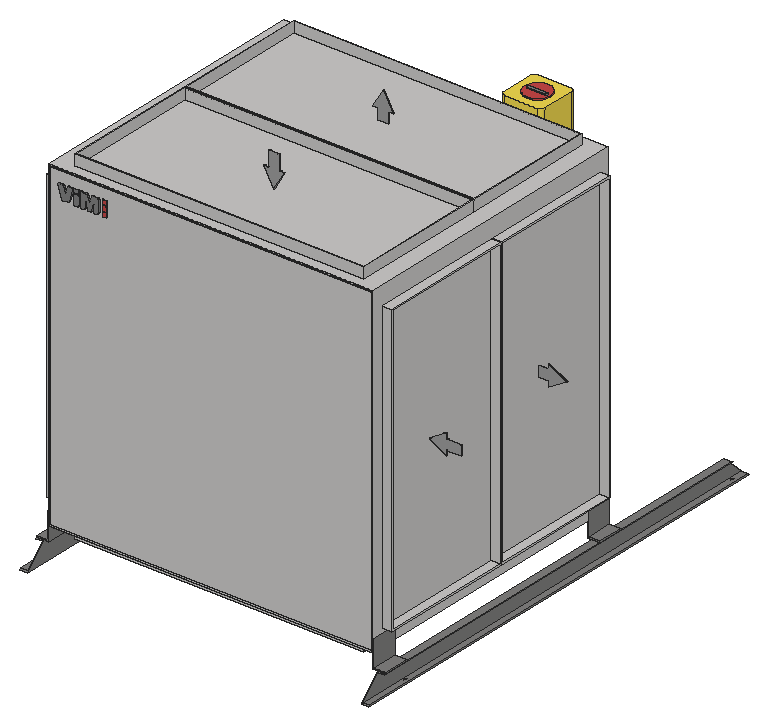
Revit family "BIM_KUBAIR F400 CC INTZ Horizontal", category Equipement de génie climatique, Revit 2016 (continued)
Types (75, lengths in mm): name | Tension_nominale | Puissance_electrique | Prof_INTZ | Position_A_equerre | Poids | Nombre_de_phases | Modèle | KC | J | F | EC | Debit_mini | Debit_maxi | D | Courant_nominal | Code_article | C | BH | A
  KUBAIR F400 CC 450 8PT IE2 INTZ 0,18kW Horizontal | 400 V | 180 W | 120 | 175 | "92 Kg" | "3" | "KUBAIR F400 CC 450 8PT IE2 INTZ 0,18kW Caisson Horizontal" | 1081 | 102 | 812 | 990 | "590 m³/h" | "3420 m³/h" | 711 | 0.73 A | "644641 + 660102" | 326 | 847 | 779
  KUBAIR F400 CC 450 8PT IE3 INTZ 0,18kW Horizontal | 400 V | 180 W | 120 | 175 | "92 Kg" | "3" | "KUBAIR F400 CC 450 8PT IE3 INTZ 0,18kW Caisson Horizontal" | 1081 | 102 | 812 | 990 | "590 m³/h" | "3420 m³/h" | 711 | 0.68 A | "644645 + 660102" | 326 | 847 | 779
  KUBAIR F400 CC 450 4/6PT INTZ 1,10/0,30kW Horizontal | 400 V | 1100 W | 120 | 175 | "94 Kg" | "3" | "KUBAIR F400 CC 450 4/6PT INTZ 1,10/0,30kW Caisson Horizontal" | 1081 | 102 | 812 | 990 | "1230 m³/h" | "7080 m³/h" | 711 | 2.84 A | "644649 + 660102" | 326 | 847 | 779
  KUBAIR F400 CC 450 4/8PT INTZ 1,20/0,30kW Horizontal | 400 V | 1200 W | 120 | 175 | "94 Kg" | "3" | "KUBAIR F400 CC 450 4/8PT INTZ 1,20/0,30kW Caisson Horizontal" | 1081 | 102 | 812 | 990 | "1230 m³/h" | "7080 m³/h" | 711 | 2.92 A | "644653 + 660102" | 326 | 847 | 779
  KUBAIR F400 CC 450 6/8PT INTZ 0,37/0,20kW Horizontal | 400 V | 370 W | 120 | 175 | "94 Kg" | "3" | "KUBAIR F400 CC 450 6/8PT INTZ 0,37/0,20kW Caisson Horizontal" | 1081 | 102 | 812 | 990 | "820 m³/h" | "4750 m³/h" | 711 | 1.4 A | "644657 + 660102" | 326 | 847 | 779
  KUBAIR F400 CC 500 6PM INTZ 0,37kW Horizontal | 230 V | 370 W | 120 | 175 | "114 Kg" | "1" | "KUBAIR F400 CC 500 6PM INTZ 0,37kW Caisson Horizontal" | 1145 | 112 | 890 | 1039 | "920 m³/h" | "5960 m³/h" | 768 | 3 A | "644661 + 660103" | 338 | 925 | 858
  KUBAIR F400 CC 500 4PT IE2 INTZ 1,5kW Horizontal | 400 V | 1500 W | 120 | 175 | "114 Kg" | "3" | "KUBAIR F400 CC 500 4PT IE2 INTZ 1,5kW Caisson Horizontal" | 1145 | 112 | 890 | 1039 | "1370 m³/h" | "8850 m³/h" | 768 | 3.26 A | "644665 + 660103" | 338 | 925 | 858
  KUBAIR F400 CC 500 4PT IE3 INTZ 1,5kW Horizontal | 400 V | 1500 W | 120 | 175 | "114 Kg" | "3" | "KUBAIR F400 CC 500 4PT IE3 INTZ 1,5kW Caisson Horizontal" | 1145 | 112 | 890 | 1039 | "1370 m³/h" | "8850 m³/h" | 768 | 3.15 A | "644669 + 660103" | 338 | 925 | 858
  KUBAIR F400 CC 500 6PT IE1 INTZ 0,55kW Horizontal | 400 V | 550 W | 120 | 175 | "114 Kg" | "3" | "KUBAIR F400 CC 500 6PT IE1 INTZ 0,55kW Caisson Horizontal" | 1145 | 112 | 890 | 1039 | "920 m³/h" | "5960 m³/h" | 768 | 1.62 A | "644673 + 660103" | 338 | 925 | 858
  KUBAIR F400 CC 500 6PT IE2 INTZ 0,55kW Horizontal | 400 V | 550 W | 120 | 175 | "114 Kg" | "3" | "KUBAIR F400 CC 500 6PT IE2 INTZ 0,55kW Caisson Horizontal" | 1145 | 112 | 890 | 1039 | "920 m³/h" | "5960 m³/h" | 768 | 1.49 A | "644677 + 660103" | 338 | 925 | 858
  KUBAIR F400 CC 500 6PT IE3 INTZ 0,55kW Horizontal | 400 V | 550 W | 120 | 175 | "114 Kg" | "3" | "KUBAIR F400 CC 500 6PT IE3 INTZ 0,55kW Caisson Horizontal" | 1145 | 112 | 890 | 1039 | "920 m³/h" | "5960 m³/h" | 768 | 1.45 A | "644681 + 660103" | 338 | 925 | 858
  KUBAIR F400 CC 500 8PT IE1 INTZ 0,18kW Horizontal | 400 V | 180 W | 120 | 175 | "114 Kg" | "3" | "KUBAIR F400 CC 500 8PT IE1 INTZ 0,18kW Caisson Horizontal" | 1145 | 112 | 890 | 1039 | "660 m³/h" | "4280 m³/h" | 768 | 0.86 A | "644685 + 660103" | 338 | 925 | 858
  KUBAIR F400 CC 500 8PT IE2 INTZ 0,18kW Horizontal | 400 V | 180 W | 120 | 175 | "114 Kg" | "3" | "KUBAIR F400 CC 500 8PT IE2 INTZ 0,18kW Caisson Horizontal" | 1145 | 112 | 890 | 1039 | "660 m³/h" | "4280 m³/h" | 768 | 0.73 A | "644689 + 660103" | 338 | 925 | 858
  KUBAIR F400 CC 500 8PT IE3 INTZ 0,18kW Horizontal | 400 V | 180 W | 120 | 175 | "114 Kg" | "3" | "KUBAIR F400 CC 500 8PT IE3 INTZ 0,18kW Caisson Horizontal" | 1145 | 112 | 890 | 1039 | "660 m³/h" | "4280 m³/h" | 768 | 0.68 A | "644693 + 660103" | 338 | 925 | 858
  KUBAIR F400 CC 500 4/6PT INTZ 1,50/0,37kW Horizontal | 400 V | 1500 W | 120 | 175 | "116 Kg" | "3" | "KUBAIR F400 CC 500 4/6PT INTZ 1,50/0,37kW Caisson Horizontal" | 1145 | 112 | 890 | 1039 | "1370 m³/h" | "8850 m³/h" | 768 | 3.65 A | "644697 + 660103" | 338 | 925 | 858
  KUBAIR F400 CC 500 4/8PT INTZ 1,60/0,40kW Horizontal | 400 V | 1600 W | 120 | 175 | "116 Kg" | "3" | "KUBAIR F400 CC 500 4/8PT INTZ 1,60/0,40kW Caisson Horizontal" | 1145 | 112 | 890 | 1039 | "1370 m³/h" | "8850 m³/h" | 768 | 3.85 A | "644701 + 660103" | 338 | 925 | 858
  KUBAIR F400 CC 500 6/8PT INTZ 0,55/0,37kW Horizontal | 400 V | 550 W | 120 | 175 | "116 Kg" | "3" | "KUBAIR F400 CC 500 6/8PT INTZ 0,55/0,37kW Caisson Horizontal" | 1145 | 112 | 890 | 1039 | "920 m³/h" | "5960 m³/h" | 768 | 1.89 A | "644705 + 660103" | 338 | 925 | 858
  KUBAIR F400 CC 560 4PT IE2 INTZ 2,2kW Horizontal | 400 V | 2200 W | 120 | 213 | "159 Kg" | "3" | "KUBAIR F400 CC 560 4PT IE2 INTZ 2,2kW Caisson Horizontal" | 1178 | 112 | 986 | 1139 | "1520 m³/h" | "11330 m³/h" | 864 | 4.8 A | "644709 + 660104" | 354 | 1021 | 954
  KUBAIR F400 CC 560 4PT IE3 INTZ 2,2kW Horizontal | 400 V | 2200 W | 120 | 213 | "159 Kg" | "3" | "KUBAIR F400 CC 560 4PT IE3 INTZ 2,2kW Caisson Horizontal" | 1178 | 112 | 986 | 1139 | "1520 m³/h" | "11330 m³/h" | 864 | 4.56 A | "644713 + 660104" | 354 | 1021 | 954
  KUBAIR F400 CC 560 6PT IE2 INTZ 0,75kW Horizontal | 400 V | 750 W | 120 | 213 | "159 Kg" | "3" | "KUBAIR F400 CC 560 6PT IE2 INTZ 0,75kW Caisson Horizontal" | 1178 | 112 | 986 | 1139 | "1020 m³/h" | "7630 m³/h" | 864 | 1.95 A | "644717 + 660104" | 354 | 1021 | 954
  KUBAIR F400 CC 560 6PT IE3 INTZ 0,75kW Horizontal | 400 V | 750 W | 120 | 213 | "159 Kg" | "3" | "KUBAIR F400 CC 560 6PT IE3 INTZ 0,75kW Caisson Horizontal" | 1178 | 112 | 986 | 1139 | "1020 m³/h" | "7630 m³/h" | 864 | 1.93 A | "644721 + 660104" | 354 | 1021 | 954
  KUBAIR F400 CC 560 8PT IE1 INTZ 0,37kW Horizontal | 400 V | 370 W | 120 | 213 | "159 Kg" | "3" | "KUBAIR F400 CC 560 8PT IE1 INTZ 0,37kW Caisson Horizontal" | 1178 | 112 | 986 | 1139 | "740 m³/h" | "5490 m³/h" | 864 | 1.45 A | "644725 + 660104" | 354 | 1021 | 954
  KUBAIR F400 CC 560 8PT IE2 INTZ 0,37kW Horizontal | 400 V | 370 W | 120 | 213 | "159 Kg" | "3" | "KUBAIR F400 CC 560 8PT IE2 INTZ 0,37kW Caisson Horizontal" | 1178 | 112 | 986 | 1139 | "740 m³/h" | "5490 m³/h" | 864 | 1.39 A | "644729 + 660104" | 354 | 1021 | 954
  KUBAIR F400 CC 560 8PT IE3 INTZ 0,37kW Horizontal | 400 V | 370 W | 120 | 213 | "159 Kg" | "3" | "KUBAIR F400 CC 560 8PT IE3 INTZ 0,37kW Caisson Horizontal" | 1178 | 112 | 986 | 1139 | "740 m³/h" | "5490 m³/h" | 864 | 1.31 A | "644733 + 660104" | 354 | 1021 | 954
  KUBAIR F400 CC 560 4/6PT INTZ 2,20/0,70kW Horizontal | 400 V | 2200 W | 120 | 213 | "161 Kg" | "3" | "KUBAIR F400 CC 560 4/6PT INTZ 2,20/0,70kW Caisson Horizontal" | 1178 | 112 | 986 | 1139 | "1520 m³/h" | "11330 m³/h" | 864 | 4.91 A | "644737 + 660104" | 354 | 1021 | 954
  KUBAIR F400 CC 560 4/8PT INTZ 2,20/0,55kW Horizontal | 400 V | 2200 W | 120 | 213 | "161 Kg" | "3" | "KUBAIR F400 CC 560 4/8PT INTZ 2,20/0,55kW Caisson Horizontal" | 1178 | 112 | 986 | 1139 | "1520 m³/h" | "11330 m³/h" | 864 | 4.84 A | "644741 + 660104" | 354 | 1021 | 954
  KUBAIR F400 CC 560 6/8PT INTZ 0,75/0,37kW Horizontal | 400 V | 750 W | 120 | 213 | "161 Kg" | "3" | "KUBAIR F400 CC 560 6/8PT INTZ 0,75/0,37kW Caisson Horizontal" | 1178 | 112 | 986 | 1139 | "1020 m³/h" | "7630 m³/h" | 864 | 2.42 A | "644745 + 660104" | 354 | 1021 | 954
  KUBAIR F400 CC 630 6PT IE2 INTZ 1,1kW Horizontal | 400 V | 1100 W | 120 | 213 | "162 Kg" | "3" | "KUBAIR F400 CC 630 6PT IE2 INTZ 1,1kW Caisson Horizontal" | 1273 | 112 | 1098 | 1183 | "1150 m³/h" | "10000 m³/h" | 977 | 2.78 A | "644749 + 660105" | 403 | 1133 | 1066
  KUBAIR F400 CC 630 6PT IE3 INTZ 1,1kW Horizontal | 400 V | 1100 W | 120 | 213 | "162 Kg" | "3" | "KUBAIR F400 CC 630 6PT IE3 INTZ 1,1kW Caisson Horizontal" | 1273 | 112 | 1098 | 1183 | "1150 m³/h" | "10000 m³/h" | 977 | 2.69 A | "644753 + 660105" | 403 | 1133 | 1066
  KUBAIR F400 CC 630 8PT IE1 INTZ 0,55kW Horizontal | 400 V | 550 W | 120 | 213 | "163 Kg" | "3" | "KUBAIR F400 CC 630 8PT IE1 INTZ 0,55kW Caisson Horizontal" | 1273 | 112 | 1098 | 1183 | "860 m³/h" | "7270 m³/h" | 977 | 2.01 A | "644757 + 660105" | 403 | 1133 | 1066
  KUBAIR F400 CC 630 8PT IE2 INTZ 0,55kW Horizontal | 400 V | 550 W | 120 | 213 | "163 Kg" | "3" | "KUBAIR F400 CC 630 8PT IE2 INTZ 0,55kW Caisson Horizontal" | 1273 | 112 | 1098 | 1183 | "860 m³/h" | "7270 m³/h" | 977 | 1.88 A | "644761 + 660105" | 403 | 1133 | 1066
  KUBAIR F400 CC 630 8PT IE3 INTZ 0,55kW Horizontal | 400 V | 550 W | 120 | 213 | "163 Kg" | "3" | "KUBAIR F400 CC 630 8PT IE3 INTZ 0,55kW Caisson Horizontal" | 1273 | 112 | 1098 | 1183 | "860 m³/h" | "7270 m³/h" | 977 | 1.78 A | "644765 + 660105" | 403 | 1133 | 1066
  KUBAIR F400 CC 630 6/8PT INTZ 1,10/0,55kW Horizontal | 400 V | 1100 W | 120 | 213 | "164 Kg" | "3" | "KUBAIR F400 CC 630 6/8PT INTZ 1,10/0,55kW Caisson Horizontal" | 1273 | 112 | 1098 | 1183 | "1150 m³/h" | "10000 m³/h" | 977 | 3.54 A | "644769 + 660105" | 403 | 1133 | 1066
  KUBAIR F400 CC 630 6/12PT INTZ 1,10/0,22kW Horizontal | 400 V | 1100 W | 120 | 213 | "164 Kg" | "3" | "KUBAIR F400 CC 630 6/12PT INTZ 1,10/0,22kW Caisson Horizontal" | 1273 | 112 | 1098 | 1183 | "1150 m³/h" | "10000 m³/h" | 977 | 4 A | "644773 + 660105" | 403 | 1133 | 1066
  KUBAIR F400 CC 710 6PT IE2 INTZ 3,0kW Horizontal | 400 V | 3000 W | 120 | 234 | "264 Kg" | "3" | "KUBAIR F400 CC 710 6PT IE2 INTZ 3,0kW Caisson Horizontal" | 1488 | 112 | 1226 | 1325 | "420 m³/h" | "18900 m³/h" | 1104 | 7.3 A | "644777 + 660106" | 462 | 1261 | 1194
  KUBAIR F400 CC 710 6PT IE3 INTZ 3,0kW Horizontal | 400 V | 3000 W | 120 | 234 | "264 Kg" | "3" | "KUBAIR F400 CC 710 6PT IE3 INTZ 3,0kW Caisson Horizontal" | 1488 | 112 | 1226 | 1325 | "420 m³/h" | "18900 m³/h" | 1104 | 6.91 A | "644781 + 660106" | 462 | 1261 | 1194
  KUBAIR F400 CC 710 8PT IE1 INTZ 2,2kW Horizontal | 400 V | 2200 W | 120 | 234 | "265 Kg" | "3" | "KUBAIR F400 CC 710 8PT IE1 INTZ 2,2kW Caisson Horizontal" | 1488 | 112 | 1226 | 1325 | "300 m³/h" | "13600 m³/h" | 1104 | 5.35 A | "644785 + 660106" | 462 | 1261 | 1194
  KUBAIR F400 CC 710 8PT IE2 INTZ 2,2kW Horizontal | 400 V | 2200 W | 120 | 234 | "265 Kg" | "3" | "KUBAIR F400 CC 710 8PT IE2 INTZ 2,2kW Caisson Horizontal" | 1488 | 112 | 1226 | 1325 | "300 m³/h" | "13600 m³/h" | 1104 | 5.44 A | "644789 + 660106" | 462 | 1261 | 1194
  KUBAIR F400 CC 710 8PT IE3 INTZ 2,2kW Horizontal | 400 V | 2200 W | 120 | 234 | "265 Kg" | "3" | "KUBAIR F400 CC 710 8PT IE3 INTZ 2,2kW Caisson Horizontal" | 1488 | 112 | 1226 | 1325 | "300 m³/h" | "13600 m³/h" | 1104 | 5.34 A | "644793 + 660106" | 462 | 1261 | 1194
  KUBAIR F400 CC 710 6/8PT INTZ 3,00/0,75kW Horizontal | 400 V | 3000 W | 120 | 234 | "266 Kg" | "3" | "KUBAIR F400 CC 710 6/8PT INTZ 3,00/0,75kW Caisson Horizontal" | 1488 | 112 | 1226 | 1325 | "420 m³/h" | "18900 m³/h" | 1104 | 8.04 A | "644797 + 660106" | 462 | 1261 | 1194
  KUBAIR F400 CC 710 6/12PT INTZ 4,0/1,0kW Horizontal | 400 V | 4000 W | 120 | 234 | "266 Kg" | "3" | "KUBAIR F400 CC 710 6/12PT INTZ 4,0/1,0kW Caisson Horizontal" | 1488 | 112 | 1226 | 1325 | "420 m³/h" | "18900 m³/h" | 1104 | 12.6 A | "644801 + 660106" | 462 | 1261 | 1194
  KUBAIR F400 CC 800 6PT IE2 INTZ 4,0kW Horizontal | 400 V | 4000 W | 120 | 234 | "307 Kg" | "3" | "KUBAIR F400 CC 800 6PT IE2 INTZ 4,0kW Caisson Horizontal" | 1540 | 127 | 1370 | 1379 | "660 m³/h" | "23390 m³/h" | 1248 | 9.46 A | "644805 + 660107" | 488 | 1420 | 1338
  KUBAIR F400 CC 800 6PT IE3 INTZ 4,0kW Horizontal | 400 V | 4000 W | 120 | 234 | "307 Kg" | "3" | "KUBAIR F400 CC 800 6PT IE3 INTZ 4,0kW Caisson Horizontal" | 1540 | 127 | 1370 | 1379 | "660 m³/h" | "23390 m³/h" | 1248 | 8.99 A | "644809 + 660107" | 488 | 1420 | 1338
  KUBAIR F400 CC 800 8PT IE1 INTZ 2,2kW Horizontal | 400 V | 2200 W | 120 | 234 | "308 Kg" | "3" | "KUBAIR F400 CC 800 8PT IE1 INTZ 2,2kW Caisson Horizontal" | 1540 | 127 | 1370 | 1379 | "480 m³/h" | "16910 m³/h" | 1248 | 5.35 A | "644813 + 660107" | 488 | 1420 | 1338
  KUBAIR F400 CC 800 8PT IE2 INTZ 2,2kW Horizontal | 400 V | 2200 W | 120 | 234 | "308 Kg" | "3" | "KUBAIR F400 CC 800 8PT IE2 INTZ 2,2kW Caisson Horizontal" | 1540 | 127 | 1370 | 1379 | "480 m³/h" | "16910 m³/h" | 1248 | 5.44 A | "644817 + 660107" | 488 | 1420 | 1338
  KUBAIR F400 CC 800 8PT IE3 INTZ 2,2kW Horizontal | 400 V | 2200 W | 120 | 234 | "308 Kg" | "3" | "KUBAIR F400 CC 800 8PT IE3 INTZ 2,2kW Caisson Horizontal" | 1540 | 127 | 1370 | 1379 | "480 m³/h" | "16910 m³/h" | 1248 | 5.34 A | "644821 + 660107" | 488 | 1420 | 1338
  KUBAIR F400 CC 800 6/8PT INTZ 4,0/1,1kW Horizontal | 400 V | 4000 W | 120 | 234 | "309 Kg" | "3" | "KUBAIR F400 CC 800 6/8PT INTZ 4,0/1,1kW Caisson Horizontal" | 1540 | 127 | 1370 | 1379 | "660 m³/h" | "23390 m³/h" | 1248 | 16.2 A | "644825 + 660107" | 488 | 1420 | 1338
  KUBAIR F400 CC 800 6/12PT INTZ 4,0/1,0kW Horizontal | 400 V | 4000 W | 120 | 234 | "309 Kg" | "3" | "KUBAIR F400 CC 800 6/12PT INTZ 4,0/1,0kW Caisson Horizontal" | 1540 | 127 | 1370 | 1379 | "660 m³/h" | "23390 m³/h" | 1248 | 12.6 A | "644829 + 660107" | 488 | 1420 | 1338
